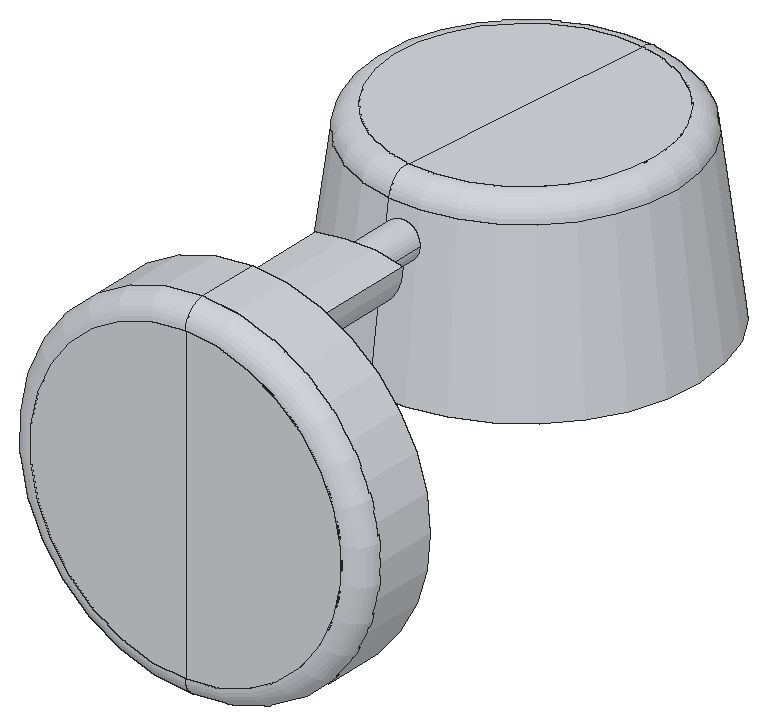
Revit family "Motus Wall WH 800 940-927 CP1.4 D2W EU_Unhosted", category Lighting Fixtures, Revit 2016
Family settings
  Part Type = Normal
  Round Connector Dimension = Use Diameter
  OmniClass Number = 23.80.70.00
  OmniClass Title = Lighting
  Work Plane-Based = No
  Always vertical = Yes
  Cut with Voids When Loaded = No
  Light Source = Yes
  Shared = No
  Room Calculation Point = No
Parameters
  Wiring Accessories = ""
  Width = 165 mm
  Wattage = 8.46 W
  VoltageMax = 240 V
  built-in parameter 1150110 = 1 (stored number, unit not read)
  Voltage = 100 V
  UpdateDate = "20.02.2021 03:04:55"
  URL UK = "http://glamox.com/uk/products/Motus-Wall"
  URL Sweden = "http://glamox.com/se/produkter/Motus-Wall/items/MOT028695"
  URL Russia = "http://glamox.com/ru/products/Motus-Wall/items/MOT028695"
  URL Other = "http://glamox.com/gsx/products/Motus-Wall/items/MOT028695"
  URL Norway = "http://glamox.com/no/produkter/Motus-Wall/items/MOT028695"
  URL Ireland = "http://glamox.com/ie/products/Motus-Wall"
  URL Germany = "http://glamox.com/de/products/Motus-Wall/items/MOT028695"
  URL Finland = "http://glamox.com/fi/products/Motus-Wall/items/MOT028695"
  URL Estonia = "http://glamox.com/ee/products/Motus-Wall/items/MOT028695"
  URL Denmark = "http://glamox.com/dk/produkter/Motus-Wall/items/MOT028695"
  TypeOfEmergency = ""
  TypeOfBallast = "AC/DC = alternating current/ direct current"
  TotalWattage = 8.46 W
  Total Load = 8.46 W
  built-in parameter 1114217 = 1 (stored number, unit not read)
  Tilt Angle = 90.00°
  Termination = ""
  built-in parameter 1150109 = 1 (stored number, unit not read)
  built-in parameter 1150134 = 3
  built-in parameter 1150113 = 1 (stored number, unit not read)
  Specification = "colour White , light source LED, with EU plug"
  Remark = ""
  RatedVoltage = 100 V
  PowerFactor = 98.00%
  Power Factor = 0.98
  Plug Type = "EU"
  Photometric Web File = "MOTUS-WALL-800-D2W.ies"
  Optic = "SYM"
  NumberOfSources = 1
  Number of Poles = 1
  NominalFrequencyRange = 50 Hz
  ModelReference = "Motus Wall"
  ModelLabel = "Motus Wall WH 800 940-927 CP1.4 D2W EU"
  Maximum TA = 25
  Manufacturer = "Glamox"
  MaintenanceFactor = 0
  MFArtNo = "MOT028695"
  built-in parameter 1150105 = 64.458 (stored number, unit not read)
  Lumens = 810 lm
  built-in parameter 1150115 = 1 (stored number, unit not read)
  Load Classification [instance] = Lighting
  LightFixturePlacingType = "WALL"
  LightFixtureMountingType = "SURFACE"
  built-in parameter 1150137 = (empty or 0)
  built-in parameter 1150139 = (empty or 0)
  Length = 98 mm
  LampBase = ""
  Lamp Wattage Comments = ""
  Lamp Wattage = 8 W
  built-in parameter 1150112 = 1 (stored number, unit not read)
  built-in parameter 1150114 = 1 (stored number, unit not read)
  Lamp = "LED"
  built-in parameter 1150132 = (empty or 0)
  built-in parameter 1150102 = (empty or 0)
  built-in parameter 1150107 = 3200 (stored number, unit not read)
  built-in parameter 1150138 = (empty or 0)
  built-in parameter 1150106 = 0.64458 (stored number, unit not read)
  IP_Code = "20"
  IPClass = "20"
  IK_Code = ""
  IFC Classification = "Light Fixture"
  Height = 98 mm
  GlobalTradeItemNumber = "7040670286956"
  Glamox Mounting = "Wall"
  Glamox Family = "Motus Wall"
  Glamox Category = "Architectural"
  FrequencyMax = 60 Hz
  Frequency = 50 Hz
  Expired = "0"
  Emit from Circle Diameter = 6 mm  # constant formula
  Emit Shape Visible in Rendering = yes
  built-in parameter 1150104 = 8.895 (stored number, unit not read)
  ELNo Norway = ""
  ELNo Finland = ""
  EANNo = "7040670286956"
  DurationInBatteryMode = ""
  Dimming Lamp Color Temperature Shift = <None>
  Description = "Motus Wall WH 800 940-927 CP1.4 D2W EU"
  Cut Out = ""
  Completion = ""
  Color Filter = 16777215
  Body Material and Colour = Default
  built-in parameter 1114218 = 1 (stored number, unit not read)
  built-in parameter 1150133 = 10 (stored number, unit not read)
  ArticleNumber = "MOT028695"
  Apparent Load = Total Load / Power Factor  # 8.63265 VA
  #Tubes = 1
Reference planes
  plane 1 "Light Source Axis (F/B)": y = 29.961
  plane 2: z = 0
  plane 3 "Light Source Axis (L/R)": x = 0
  plane 4 "Light Source Elevation": z = 0
  plane 5: y = -88.029
Forms (mm)
  Revolve 1, solid
    sketch origin (0, 29.248, -238.056) x (0.099501, 0.995037, 0) y (0, 0, 1)
      loop
        line (0, 290) -> (0, 238.192) -> (47.975, 238.192) -> (42, 284)
        arc (42, 284) -> (40.243, 288.243) -> (36, 290) r 6
        line (36, 290) -> (0, 290)
      axis (0, 290) -> (0, 238.192)
    angle from 0 to 360
  Revolve 2, solid
    sketch origin (0, -87.927, -265.357) x (0, 0, -1) y (0, 1, 0)
      loop
        arc (-319, 6) -> (-317.243, 1.757) -> (-313, 0) r 6
        line (-313, 0) -> (-270, 0) -> (-270, 23) -> (-319, 23) -> (-319, 6)
      axis (-270, 23) -> (-270, 0)
    angle from 0 to 360
  Sweep 3, solid
    path origin (0, -53.943, 405.203) x (0, 0.958323, 0.285688) y (0, 0.285688, -0.958323)
      loop
        line (-79.001, 356.066) -> (-114.486, 345.488)
    profile origin (0, -46.441, 41.407) x (0, 0, 1) y (-1, 0, 0)
      loop
        arc (0, -12) -> (1.435, 0) -> (0, 12) r 50.907
        spline (0, 12) -> (-4.709, 11.163) -> (-8.01, 9.697) -> (-10.145, 7.725) -> (-11.356, 5.373) -> (-11.885, 2.766) -> (-11.974, 0.027) -> (-11.794, -2.718) -> (-11.2, -5.339) -> (-9.957, -7.708) -> (-7.833, -9.694) -> (-4.592, -11.168) -> (0, -12)
  Extrusion 4, solid
    sketch origin (0, -87.627, -338.056) x (1, 0, 0) y (0, 0, 1)
      loop
        circle (0, 375.409) r 5
    from -59.7 to -77.8
Lines and regions (mm)
  symbolic lines
    curve 1: line (-100, -88.029, 0) -> (100, -88.029, 0)
    curve 2: line (0, -88.029, 0) -> (0, 29.961, 0)
    curve 3: circle (0, 29.961, 0) r 47.469 normal (0, 0, -1)
    curve 4: line (0, 29.961, 0) -> (33.565, 63.526, 0)
    curve 5: line (0, 29.961, 0) -> (33.565, -3.605, 0)
    curve 6: line (0, 29.961, 0) -> (-33.565, -3.605, 0)
    curve 7: line (0, 29.961, 0) -> (-33.565, 63.526, 0)
Dimensions and locks
  locked: plane 1 "Light Source Axis (F/B)" to plane 5 at 117.989
  aligned and locked: Sweep 3 to Extrusion 4
  aligned and locked: plane 4 "Light Source Elevation" to plane 2
  aligned and locked: imposter light to plane 4 "Light Source Elevation"
  aligned and locked: plane 3 "Light Source Axis (L/R)" to imposter light
Connectors
  electrical at (0, -64.956, 41.407), driven by "Load Classification", driven by "Voltage", driven by "Apparent Load", driven by "Power Factor"
    settings: on Sweep 3, index 1, voltage 100 V, apparent load 0 VA, apparent load phase1 8.63265 VA, apparent load phase2 0 VA, apparent load phase3 0 VA, power factor 0.98, load classification "Lighting", number of poles 1, system type 31, power factor state 1, is connector primary yes, connector utility no, sub classification motor no, connector description ""
